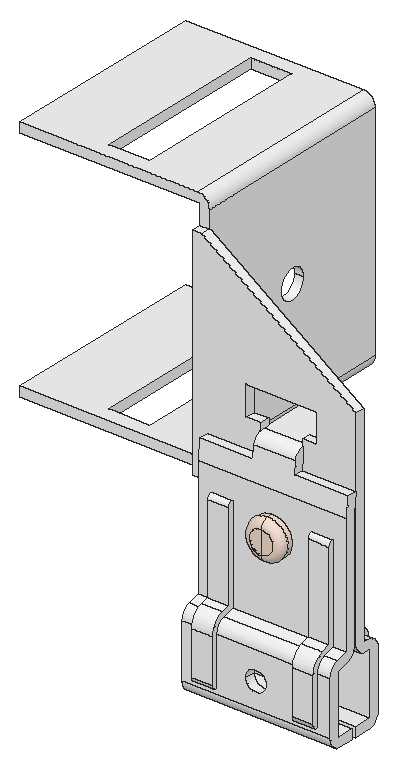
Revit family "cthanger_h20_left", category 機械設備, Revit 2022
Family settings
  丸型コネクタ寸法 = 直径を使用
  種別 = なし
  パーツ タイプ = 標準
  作業面ベース = いいえ
  常に垂直 = はい
  ロード時にボイドで切り取り = いいえ
  注釈の向きを維持 = いいえ
  共有 = いいえ
  部屋計算ポイント = いいえ
Parameters
  製造元 = "株式会社桐井製作所"
  既定の高さ = 0 mm
  URL = "https://www.kirii.co.jp/"
  K_材質 = "溶融亜鉛めっき鋼板及び鋼帯 SGCC 一般用"
  K_品名 = "CTハンガーH＝20アキ左"
  K_名称 = "CTハンガー"
  K_入数 = "200"
  K_備考 = "対象Tバー：eT4025、eAT4025"
  K_バージョン情報 = "20220915"
  K_めっき付着量 = "Z12"
  K_JIS規格 = "JIS G 3302"
Reference planes
  plane 1 "中心(正面/背面)": y = 0
  plane 2: z = 0
  plane 3 "中心(左/右)": x = 0
Forms (mm)
  Extrusion 1, void
    sketch origin (0, -1.2, 0) x (-1, 0, 0) y (0, 0, 1)
      loop
        line (-6, 31.356) -> (-6, 26.343) -> (-3.5, 26.343) -> (-3.5, 21.356) -> (3.5, 21.356) -> (3.5, 26.343) -> (6, 26.343) -> (6, 31.356) -> (-6, 31.356)
    from 1.2 to 2.8
  Extrusion 2, void
    sketch origin (0.011, -1.2, 4.995) x (-1, 0, 0) y (0, 0, 1)
      loop
        circle (0, 6.373) r 2.5
    from 0 to 3.2
  Extrusion 3, void
    sketch origin (0, 0.4, 0) x (1, 0, 0) y (0, 0, 1)
      loop
        line (-13.5, 51.456) -> (12.5, 33.456) -> (12.5, 51.456) -> (-13.5, 51.456)
    from -1.2 to 0.4
  Extrusion 4, void
    sketch origin (0, 0.4, 0) x (1, 0, 0) y (0, 0, 1)
      loop
        line (-13.5, 14.356) -> (-15.1, 14.356) -> (-15.1, -15.644) -> (-12.5, -15.644) -> (-12.5, 13.356)
        arc (-12.5, 13.356) -> (-12.793, 14.063) -> (-13.5, 14.356) r 1
    from -4.2 to 5.8
  Extrusion 5, solid, material "05吊り材"
    sketch origin (0, 1.2, 0) x (0, 1, 0) y (0, 0, -1)
      loop
        line (1.8, 3.544) -> (0.8, 3.544)
        arc (0.8, 3.544) -> (-0.614, 2.958) -> (-1.2, 1.544) r 2
        line (-1.2, 1.544) -> (-1.2, -51.456) -> (0.4, -51.456) -> (0.4, -11.856) -> (0.4, 1.944) -> (1.4, 1.944)
        arc (1.4, 1.944) -> (2.814, 2.53) -> (3.4, 3.944) r 2
        line (3.4, 3.944) -> (3.4, 13.644)
        arc (3.4, 13.644) -> (2.814, 15.058) -> (1.4, 15.644) r 2
        line (1.4, 15.644) -> (-1.2, 15.644) -> (-1.2, 14.044) -> (1.8, 14.044) -> (1.8, 3.544)
    from -12.5 to 15.1
  Extrusion 6, solid, material "アルミニウム"
    sketch origin (0, 1.2, 4.922) x (-1, 0, 0) y (0, 0, -1)
      loop
        circle (0, -6.436) r 4.1
      loop
        circle (0, -6.436) r 2.499
    from -1.8 to 0
  Extrusion 7, solid, material "05吊り材"
    sketch origin (16, 1.2, 0) x (0, 1, 0) y (0, 0, -1)
      loop
        line (1.3, -12.456) -> (1.3, 1.087) -> (2.095, 1.087)
        arc (2.095, 1.087) -> (3.685, 2.14) -> (4.3, 3.944) r 2.953
        line (4.3, 3.944) -> (4.3, 11.744)
        arc (4.3, 11.744) -> (4.036, 12.38) -> (3.4, 12.644) r 0.9
        line (3.4, 12.644) -> (3.4, 3.944)
        arc (3.4, 3.944) -> (2.814, 2.53) -> (1.4, 1.944) r 2
        line (1.4, 1.944) -> (0.4, 1.944) -> (0.4, -13.356)
        arc (0.4, -13.356) -> (1.036, -13.093) -> (1.3, -12.456) r 0.9
      loop
        line (-4, 1.245) -> (-4, -13.556)
        arc (-4, -13.556) -> (-3.766, -14.122) -> (-3.2, -14.356) r 0.8
        line (-3.2, -14.356) -> (-3.2, 1.844) -> (-5.093, 2.4)
        arc (-5.093, 2.4) -> (-6.181, 3.157) -> (-6.6, 4.415) r 2.1
        line (-6.6, 4.415) -> (-6.6, 12.644)
        arc (-6.6, 12.644) -> (-7.166, 12.409) -> (-7.4, 11.844) r 0.8
        line (-7.4, 11.844) -> (-7.4, 4.415)
        arc (-7.4, 4.415) -> (-6.822, 2.678) -> (-5.318, 1.633) r 2.9
        line (-5.318, 1.633) -> (-4, 1.245)
    from 5.75 to 9.25
  Extrusion 8, void
    sketch origin (0.011, 1.2, 4.995) x (-1, 0, 0) y (0, 0, -1)
      loop
        circle (0, -6.373) r 2.5
    from 0 to 3.2
  Extrusion 9, void
    sketch origin (0, -42.1, 50.967) x (1, 0, 0) y (0, 0, -1)
      loop
        line (-3.5, 25.623) -> (-3.5, 29.342) -> (-12.5, 29.342) -> (-12.5, 25.623) -> (-3.5, 25.623)
      loop
        line (12.5, 25.623) -> (12.5, 29.342) -> (3.5, 29.342) -> (3.5, 25.623) -> (12.5, 25.623)
    from 40.1 to 51.2
  Extrusion 10, solid, material "05吊り材"
    sketch origin (0, 1.2, 0) x (0, 1, 0) y (0, 0, -1)
      loop
        line (-5, 4.041) -> (-5, 14.044) -> (-2, 14.044) -> (-2, 15.644) -> (-4.5, 15.644)
        arc (-4.5, 15.644) -> (-5.985, 15.029) -> (-6.6, 13.544) r 2.1
        line (-6.6, 13.544) -> (-6.6, 4.415)
        arc (-6.6, 4.415) -> (-6.181, 3.157) -> (-5.093, 2.4) r 2.1
        line (-5.093, 2.4) -> (-3.2, 1.844) -> (-3.2, -18.356) -> (-2.659, -23.655)
        arc (-2.659, -23.655) -> (-1.932, -24.867) -> (-0.6, -25.343) r 2.1
        line (-0.6, -25.343) -> (7.9, -25.343) -> (7.9, -23.756) -> (-0.6, -23.756)
        arc (-0.6, -23.756) -> (-0.954, -23.61) -> (-1.1, -23.256) r 0.5
        line (-1.1, -23.256) -> (-1.6, -18.356) -> (-1.6, 1.47)
        arc (-1.6, 1.47) -> (-2.019, 2.728) -> (-3.107, 3.484) r 2.1
        line (-3.107, 3.484) -> (-5, 4.041)
    from -12.5 to 12.5
  Extrusion 11, solid, material "05吊り材"
    sketch origin (-1, 1.2, 0) x (0, 1, 0) y (0, 0, -1)
      loop
        line (1.3, -12.456) -> (1.3, 1.087) -> (2.095, 1.087)
        arc (2.095, 1.087) -> (3.685, 2.14) -> (4.3, 3.944) r 2.953
        line (4.3, 3.944) -> (4.3, 11.744)
        arc (4.3, 11.744) -> (4.036, 12.38) -> (3.4, 12.644) r 0.9
        line (3.4, 12.644) -> (3.4, 3.944)
        arc (3.4, 3.944) -> (2.814, 2.53) -> (1.4, 1.944) r 2
        line (1.4, 1.944) -> (0.4, 1.944) -> (0.4, -13.356)
        arc (0.4, -13.356) -> (1.036, -13.093) -> (1.3, -12.456) r 0.9
      loop
        line (-4, 1.245) -> (-4, -13.556)
        arc (-4, -13.556) -> (-3.766, -14.122) -> (-3.2, -14.356) r 0.8
        line (-3.2, -14.356) -> (-3.2, 1.844) -> (-5.093, 2.4)
        arc (-5.093, 2.4) -> (-6.181, 3.157) -> (-6.6, 4.415) r 2.1
        line (-6.6, 4.415) -> (-6.6, 12.644)
        arc (-6.6, 12.644) -> (-7.166, 12.409) -> (-7.4, 11.844) r 0.8
        line (-7.4, 11.844) -> (-7.4, 4.415)
        arc (-7.4, 4.415) -> (-6.822, 2.678) -> (-5.318, 1.633) r 2.9
        line (-5.318, 1.633) -> (-4, 1.245)
    from 5.75 to 9.25
  Extrusion 12, solid, material "05吊り材"
    sketch origin (16, 1.2, 0) x (0, 1, 0) y (0, 0, -1)
      loop
        line (1.3, -12.456) -> (1.3, 1.087) -> (2.095, 1.087)
        arc (2.095, 1.087) -> (3.685, 2.14) -> (4.3, 3.944) r 2.953
        line (4.3, 3.944) -> (4.3, 11.744)
        arc (4.3, 11.744) -> (4.036, 12.38) -> (3.4, 12.644) r 0.9
        line (3.4, 12.644) -> (3.4, 3.944)
        arc (3.4, 3.944) -> (2.814, 2.53) -> (1.4, 1.944) r 2
        line (1.4, 1.944) -> (0.4, 1.944) -> (0.4, -13.356)
        arc (0.4, -13.356) -> (1.036, -13.093) -> (1.3, -12.456) r 0.9
      loop
        line (-4, 1.245) -> (-4, -13.556)
        arc (-4, -13.556) -> (-3.766, -14.122) -> (-3.2, -14.356) r 0.8
        line (-3.2, -14.356) -> (-3.2, 1.844) -> (-5.093, 2.4)
        arc (-5.093, 2.4) -> (-6.181, 3.157) -> (-6.6, 4.415) r 2.1
        line (-6.6, 4.415) -> (-6.6, 12.644)
        arc (-6.6, 12.644) -> (-7.166, 12.409) -> (-7.4, 11.844) r 0.8
        line (-7.4, 11.844) -> (-7.4, 4.415)
        arc (-7.4, 4.415) -> (-6.822, 2.678) -> (-5.318, 1.633) r 2.9
        line (-5.318, 1.633) -> (-4, 1.245)
    from 5.75 to 9.25
  Extrusion 13, void
    sketch origin (0, 36.563, 0) x (1, 0, 0) y (0, 1, 0)
      loop
        line (-32.5, -2.5) -> (-32.5, -32.5) -> (-25.5, -32.5) -> (-25.5, -2.5) -> (-32.5, -2.5)
    from 54.856 to 56.456
  Extrusion 14, void
    sketch origin (0, 36.563, -40) x (1, 0, 0) y (0, 1, 0)
      loop
        line (-32.5, -2.5) -> (-32.5, -32.5) -> (-25.5, -32.5) -> (-25.5, -2.5) -> (-32.5, -2.5)
    from 54.856 to 56.456
  Extrusion 15, void
    sketch origin (0, -8.4, -3.594) x (1, 0, 0) y (0, 0, 1)
      loop
        circle (0, -5.55) r 1.75
    from -4.6 to -3
  Extrusion 16, solid, material "05吊り材"
    sketch origin (0, 36.6, 0) x (1, 0, 0) y (0, 0, 1)
      loop
        line (-45.5, 56.456) -> (-45.5, 54.856) -> (-15.1, 54.856) -> (-15.1, 16.456) -> (-45.5, 16.456) -> (-45.5, 14.856) -> (-15.5, 14.856)
        arc (-15.5, 14.856) -> (-14.086, 15.442) -> (-13.5, 16.856) r 2
        line (-13.5, 16.856) -> (-13.5, 54.456)
        arc (-13.5, 54.456) -> (-14.086, 55.87) -> (-15.5, 56.456) r 2
        line (-15.5, 56.456) -> (-45.5, 56.456)
    from 0 to 35
  Extrusion 17, void
    sketch origin (0, 36.6, 0) x (0, 1, 0) y (0, 0, 1)
      loop
        circle (-17.5, 35.456) r 2.5
    from -15.1 to -13.5
  Extrusion 18, void
    sketch origin (0, 0, -3.594) x (1, 0, 0) y (0, 0, 1)
      loop
        circle (0, -5.55) r 1.75
    from -4.6 to -3
Cuts and joins
  Extrusion 8, Extrusion 9, Extrusion 15, Extrusion 18 cuts Extrusion 10
  joined: Extrusion 7, Extrusion 10, Extrusion 11, Extrusion 12
  Extrusion 1, Extrusion 2, Extrusion 3, Extrusion 4, Extrusion 8, Extrusion 15, Extrusion 18 cuts Extrusion 5
  Extrusion 13, Extrusion 14, Extrusion 17 cuts Extrusion 16
  joined: Extrusion 5, Extrusion 16
Dimensions and locks
  aligned and locked: level to plane 2
Nested families
  nested 1: "直吊りハンガー用ビス" at (0.011, -2, 11.368) x (-1, 0, 0) z (0, 0, 1), type "直吊りハンガー用ビス"
Definition of nested family "直吊りハンガー用ビス"
  Parameters (values of type "直吊りハンガー用ビス")
    Manufacturer = "株式会社桐井製作所"
    Default Elevation = 0 mm
    URL = "https://www.kirii.co.jp/"
    K_名称 = "M6×25ボルト"
  Reference planes
    plane 1 "中心(正面/背面)": y = 0
    plane 2: z = 0
    plane 3 "中心(左/右)": x = 0
    plane 4 "正面": y = -5
  Forms (mm)
    Extrusion 1, solid
      sketch origin (0, 0, 0.234) x (1, 0, 0) y (0, 0, 1)
        loop
          circle (-0.011, -0.2) r 2.5
      from 0 to -5
    Revolve 2, solid
      sketch origin (0, 0, 0) x (0, 1, 0) y (0, 0, 1)
        loop
          line (0, 0) -> (-2.299, 0) -> (-2.299, -1.966)
          arc (-2.299, -1.966) -> (-1.904, -2.921) -> (-0.949, -3.316) r 1.35
          line (-0.949, -3.316) -> (0, -3.316) -> (0, 0)
        axis (0, 0) -> (-2.299, 0)
      angle from 0 to 360
  Cuts and joins
    joined: Extrusion 1, Revolve 2
  Dimensions and locks
    aligned and locked: level to plane 2
